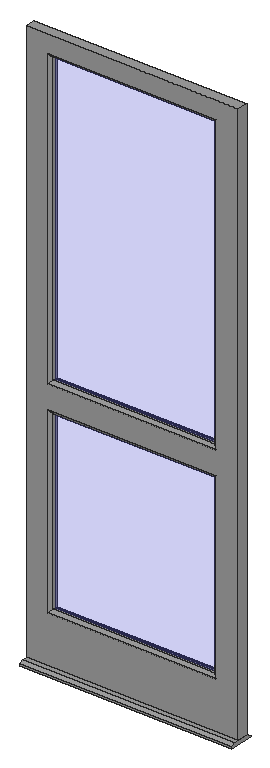
Revit family "MS-375 DOOR-VIP-0.25-SF_v04", category Curtain Panels, Revit 2015
Parameters
  Width [instance] = 3' - 2"
  VIP1 Panic Devices [instance] = no
  URL = "obe.com"
  Rough Width [instance] = 3' - 0"
  Panel Width [instance] = [Min-Max Rough Width]  # 3' - 0"
  Offset [instance] = 0' - 0"
  Model = "MS-375 DOOR"
  Min-Max Rough Width [instance] = if(and((Rough Width > 2' 11 255/256"), (Rough Width < 3' 6 1/256")), Rough Width, 3' 0")  # 3' - 0"
  Manufacturer = "Oldcastle BuildingEnvelope®"
  Keynote = "08 11 00"
  Hinge [instance] = yes
  Height [instance] = 8' - 0"
  Pushbar Height [instance] = 3' - 5 1/4"  # constant formula
  Glass Material = Glass
  Frame Material = Aluminum
  Door Panel Height [instance] = Height + 0' 0 1/2"  # 8' - 0 1/2"
  Description = "MS-375 - 1/4\" Door Infill"
  Assembly Code = "B2030"
  Analytic Construction = "<None>"
  8 Bottom Rail [instance] = yes
Reference planes (in)
  plane 1 "Front": y = 0
  plane 2: z = 0
  plane 3 "Center (Left/Right)": x = 0
  plane 4 "Left": x = -19
  plane 5 "Right": x = 19
  plane 6 "Top": z = 96
  plane 7: x = -18
  plane 8: x = 18
Text (in)
  text "Exterior" at (-54.29358, 31.38743, 0), in view "Ref. Level"
  text "Exterior" at (480, 41.53993, 89.60405), in view "Right"
  text "Exterior" at (-240, 57.82419, 105.78864), in view "Left"
Dimensions and locks (in)
  equal spacing: plane 4 "Left", plane 3 "Center (Left/Right)", plane 5 "Right"
  "Width": plane 4 "Left" to plane 5 "Right"
  "Height": plane 6 "Top" to plane 2
  equal spacing: plane 7, plane 3 "Center (Left/Right)", plane 8
  "Min-Max Rough Width": plane 7 to plane 8
  aligned and locked: level to plane 2
  aligned and locked: plane 3 "Center (Left/Right)" to nested 1
  aligned and locked: plane 1 "Front" to nested 1
Nested families (in)
  nested 1: "MS-375 DOOR-VIP-0.25-Panel_v03" at (0, -16, 0), Frame Material <- "Frame Material", Glass Material <- "Glass Material", VIP1 Panic Devices <- "VIP1 Panic Devices", Hinge <- "Hinge", 8 Bottom Rail <- "8 Bottom Rail", Width <- "Min-Max Rough Width", Height <- "Door Panel Height", Offset <- "Offset", type "MS-375 DOOR-VIP-0.25-Panel_v03"
    with built-in parameter 1001301 3' - 0", VIP1 Panic Devices no, Pushbar Height 3' - 5 1/4", Offset 0' - 0", Hinge yes, built-in parameter 1001300 8' - 0 1/2", Glass at Muntin 0' - 4 9/16", Glass Material Glass, Frame Material Aluminum, Bottom Rail 0' - 8 31/32", 8 Bottom Rail yes
Definition of nested family "MS-375 DOOR-VIP-0.25-Panel_v03"
  Parameters (values of type "MS-375 DOOR-VIP-0.25-Panel_v03")
    Width [instance] = 3' - 6"
    VIP1 Panic Devices [instance] = yes
    Offset [instance] = 0' - 1"
    Hinge [instance] = yes
    Height [instance] = 8' - 0"
    Glass at Muntin [instance] = if(VIP1 Panic Devices, 0' 8 9/16", 0' 4 9/16")  # 0' - 8 9/16"
    Pushbar Height [instance] = 3' - 5 1/4"  # constant formula
    Glass Material [instance] = none
    Frame Material [instance] = none
    Bottom Rail [instance] = if([8 Bottom Rail], 0' 8 31/32", 0' 10 31/32")  # 0' - 10 31/32"
    8 Bottom Rail [instance] = no
  Reference planes (in)
    plane 1 "00": y = 14.0625
    plane 2: z = 0
    plane 3 "Center (Left/Right)": x = 0
    plane 4: z = 96
    plane 5: x = 21
    plane 6: x = -21
    plane 7 "Center (Front/Back)": y = 16
    plane 8 "Exterior": y = 14.1875
    plane 9: z = 48
    plane 10: z = 92.21875
    plane 11: x = 16.88167
    plane 12: x = -16.87021
    plane 13: y = 15
    plane 14: z = 36.96875
    plane 15: z = 45.53125
    plane 16: z = 92.21875
    plane 17: z = 41.25
  Forms (in)
    Sweep 1, solid, material <- "Frame Material"
      path origin (0, 14.0625, 0) x (1, 0, 0) y (0, 0, 1)
        loop
          line (-20.79133, 96) -> (20.80279, 96)
      profile origin (0.00573, 14.0625, 96) x (0, 0, 1) y (0, -1, 0)
        loop
          line (-0.5, -0.875) -> (-0.5, 0.875) -> (-3.49593, 0.875) -> (-4, 0.45204) -> (-4, 0.125) -> (-3.78125, 0.125) -> (-3.78125, -0.125) -> (-4, -0.125) -> (-4, -0.45204) -> (-3.49593, -0.875) -> (-0.5, -0.875)
    Extrusion 2, solid, material <- "Glass Material"
      sketch origin (0, 0, 0) x (0, 1, 0) y (0, 0, 1)
        loop
          line (14.1875, 36.96875) -> (13.9375, 36.96875) -> (13.9375, 10.96875) -> (14.1875, 10.96875) -> (14.1875, 36.96875)
      from -16.87021 to 16.88167
    Sweep 3, solid, material <- "Frame Material"
      path origin (0, 14.0625, 0) x (1, 0, 0) y (0, 0, 1)
        loop
          line (20.80279, 0) -> (-20.79133, 0)
      profile origin (0.00573, 14.0625, 0) x (0, 0, -1) y (0, -1, 0)
        loop
          line (-10.68343, -0.875) -> (-0.6875, -0.875) -> (-0.6875, 0.875) -> (-10.68343, 0.875) -> (-11.1875, 0.45204) -> (-11.1875, 0.125) -> (-10.96875, 0.125) -> (-10.96875, -0.125) -> (-11.1875, -0.125) -> (-11.1875, -0.45204) -> (-10.68343, -0.875)
    Sweep 4, solid, material <- "Frame Material"
      path origin (0, 14.0625, 0) x (1, 0, 0) y (0, 0, 1)
        loop
          line (21, 95.5) -> (21, 0.6875)
      profile origin (21, 14.0625, 48.09375) x (0, -1, 0) y (1, 0, 0)
        loop
          line (-0.875, -0.0878) -> (-0.875, -3.83301) -> (-0.45204, -4.33708) -> (-0.125, -4.33708) -> (-0.125, -4.11833) -> (0.125, -4.11833) -> (0.125, -4.33708) -> (0.45204, -4.33708) -> (0.875, -3.83301) -> (0.875, -0.19721) -> (-0.875, -0.0878)
    Sweep 5, solid, material <- "Frame Material"
      path origin (0, 14.0625, 0) x (1, 0, 0) y (0, 0, 1)
        loop
          line (-21, 95.5) -> (-21, 0.6875)
      profile origin (-21, 14.0625, 48.09375) x (0, -1, 0) y (1, 0, 0)
        loop
          line (-0.875, 0.09967) -> (0.875, 0.20867) -> (0.875, 3.84447) -> (0.45204, 4.34854) -> (0.125, 4.34854) -> (0.125, 4.12979) -> (-0.125, 4.12979) -> (-0.125, 4.34854) -> (-0.45204, 4.34854) -> (-0.875, 3.84447) -> (-0.875, 0.09967)
    Extrusion 6, solid, material <- "Glass Material"
      sketch origin (0, 0, 0) x (0, 1, 0) y (0, 0, 1)
        loop
          line (13.9375, 92.21875) -> (13.9375, 45.53125) -> (14.1875, 45.53125) -> (14.1875, 92.21875) -> (13.9375, 92.21875)
      from -16.87021 to 16.88167
    Sweep 7, solid, material <- "Frame Material"
      path origin (0, 14.0625, 0) x (1, 0, 0) y (0, 0, 1)
        loop
          line (20.80279, 48) -> (-20.79133, 48)
      profile origin (0.00573, 14.0625, 48) x (0, 0, -1) y (0, -1, 0)
        loop
          line (2.25, -0.45204) -> (2.75407, -0.875) -> (10.74593, -0.875) -> (11.25, -0.45204) -> (11.25, -0.125) -> (11.03125, -0.125) -> (11.03125, 0.125) -> (11.25, 0.125) -> (11.25, 0.45204) -> (10.74593, 0.875) -> (2.75407, 0.875) -> (2.25, 0.45204) -> (2.25, 0.125) -> (2.46875, 0.125) -> (2.46875, -0.125) -> (2.25, -0.125) -> (2.25, -0.45204)
    Sweep 8, solid, material <- "Frame Material"
      path origin (0, 14.0625, 0) x (1, 0, 0) y (0, 0, 1)
        loop
          line (-20.79133, 0) -> (20.80279, 0)
      profile origin (0.00573, 14.0625, 0) x (0, 0, 1) y (0, -1, 0)
        loop
          line (0.5, 1.5305) -> (0.19364, 2.1875) -> (0, 2.1875) -> (0, -1.8125) -> (0.19364, -1.8125) -> (0.5, -1.1555) -> (0.5, 1.5305)
  Cuts and joins
    joined: Sweep 1, Sweep 3, Sweep 4, Sweep 5, Sweep 7
  Lines and regions (in)
    model lines
      curve 1: line (16.88167, 14.1875, 92.21875) -> (-17.15553, 14.1875, 48)
      curve 2: line (-17.15553, 14.1875, 48) -> (19.13239, 14.1875, 10.96875)
  Dimensions and locks (in)
    "Height": plane 4 to level
    "Width": plane 6 to plane 5
    Extrusion 2 sketch curve to plane 1 "00" to Extrusion 2 sketch curve = 0' - 0 1/8" locked, 0' - 0 1/8" locked
    "Bottom Rail": Extrusion 2 sketch curve to level
    locked: plane 11 to plane 5 at 4.11833
    locked: plane 6 to plane 12 at 4.12979
    plane 1 "00" to plane 8 "Exterior" to plane 13 = 0' - 0 1/8" locked, 0' - 0 13/16" locked
    equal spacing: level, plane 9, plane 4
    locked: Sweep 3 sketch curve to plane 6 at 0.20867
    locked: plane 5 to Sweep 3 sketch curve at 0.19721
    locked: Sweep 4 sketch curve to plane 4 at 0.5
    locked: Sweep 5 sketch curve to plane 4 at 0.5
    locked: Sweep 1 sketch curve to plane 6 at 0.20867
    locked: plane 5 to Sweep 1 sketch curve at 0.19721
    "Bottom Rail": Sweep 3 sketch curve to level
    Sweep 3 sketch curve to Sweep 3 sketch curve to Sweep 3 sketch curve to Sweep 3 sketch curve to Sweep 3 sketch curve = 0' - 0" locked, 0' - 0 7/32" locked, 0' - 0.28532" locked, 0' - 0" locked
    Extrusion 6 sketch curve to plane 1 "00" to Extrusion 6 sketch curve = 0' - 0 1/8" locked, 0' - 0 1/8" locked
    locked: plane 5 to Sweep 7 sketch curve at 0.19721
    locked: Sweep 7 sketch curve to plane 6 at 0.20867
    equal spacing: plane 6, plane 3 "Center (Left/Right)", plane 5
    "Offset": plane 13 to plane 7 "Center (Front/Back)"
    locked: plane 16 to plane 4 at 3.78125
    locked: plane 15 to Sweep 7 sketch curve at 0.21875  (x2)
    locked: Sweep 7 sketch curve to plane 14 at 0.21875
    locked: plane 14 to Sweep 7 sketch curve at 0.21875
    "Glass at Muntin": plane 14 to plane 15
    equal spacing: plane 14, plane 17, plane 15
    "Pushbar Height": plane 2 to plane 17
    locked: plane 1 "00" to nested 1 at 0.0287
    locked: plane 5 to Sweep 8 sketch curve at 0.19721
    locked: Sweep 8 sketch curve to plane 6 at 0.20867
    locked: Sweep 5 sketch curve to plane 2 at 0.6875
    locked: Sweep 4 sketch curve to plane 2 at 0.6875
    aligned and locked: plane 2 to level
    aligned and locked: plane 3 "Center (Left/Right)" to nested 1
    aligned and locked: Sweep 1 sketch curve to plane 4
    aligned and locked: Sweep 3 sketch curve to level
    aligned and locked: plane 5 to Sweep 4 sketch curve
    aligned and locked: plane 6 to Sweep 5 sketch curve
    aligned and locked: Sweep 7 sketch curve to plane 9
    aligned and locked: level to nested 2
    aligned and locked: nested 2 to plane 1 "00"
    aligned and locked: Extrusion 6 to plane 11
    aligned and locked: plane 12 to Extrusion 6  (x2)
    aligned and locked: Extrusion 6 to cut or joined group of Sweep 1, Sweep 3, Sweep 4, Sweep 5, Sweep 7
    aligned and locked: curve 1 to cut or joined group of Sweep 1, Sweep 3, Sweep 4, Sweep 5, Sweep 7
    aligned and locked: plane 9 to curve 1
    aligned and locked: curve 2 to Extrusion 2
    aligned and locked: plane 11 to Extrusion 6
    aligned and locked: Extrusion 2 to plane 11
    aligned and locked: plane 12 to Extrusion 2
    aligned and locked: plane 15 to Extrusion 6
    aligned and locked: Extrusion 2 to plane 14
    aligned and locked: Extrusion 6 to nested 2
    aligned and locked: Sweep 8 sketch curve to plane 2
  Automatic sketch dimensions
    profile plane to Sweep 1 sketch curve = 0' - 0 1/2"
    Sweep 1 sketch curve to plane 1 "00" = 0' - 0 7/8"
    Sweep 1 sketch curve to Sweep 1 sketch curve = 0' - 2.99593"
    Sweep 1 sketch curve to plane 1 "00" = 0' - 0.45204"
    Sweep 1 sketch curve to Sweep 1 sketch curve = 0' - 0.50407"  (x2)
    Sweep 1 sketch curve to plane 1 "00" = 0' - 0 1/8"
    Sweep 1 sketch curve to Sweep 1 sketch curve = 0' - 0 7/32"  (x2)
    plane 1 "00" to Sweep 1 sketch curve = 0' - 0 1/8"
    plane 1 "00" to Sweep 1 sketch curve = 0' - 0 7/8"
    Sweep 1 sketch curve to Sweep 1 sketch curve = 0' - 0.32704"
    level to Extrusion 6 sketch curve = 3' - 9 17/32"
    Extrusion 6 sketch curve to plane 4 = 0' - 3 25/32"
    Sweep 4 sketch curve to plane 1 "00" = 0' - 0 7/8"
    Sweep 4 sketch curve to plane 1 "00" = 0' - 0.45204"
    Sweep 4 sketch curve to plane 1 "00" = 0' - 0 1/8"
    plane 1 "00" to Sweep 4 sketch curve = 0' - 0 1/8"
    Sweep 4 sketch curve to Sweep 4 sketch curve = 0' - 0.32704"
    Sweep 4 sketch curve to Sweep 4 sketch curve = 0' - 0.42296"
    profile plane to Sweep 4 sketch curve = 0' - 4.33708"
    Sweep 4 sketch curve to Sweep 4 sketch curve = 0' - 0"
    Sweep 4 sketch curve to Sweep 4 sketch curve = 0' - 0 7/32"
    Sweep 4 sketch curve to Sweep 4 sketch curve = 0' - 0.50407"  (x2)
    profile plane to Sweep 4 sketch curve = 0' - 0.0878"
    profile plane to Sweep 4 sketch curve = 0' - 0.19721"
    Sweep 5 sketch curve to plane 1 "00" = 0' - 0 7/8"
    Sweep 5 sketch curve to plane 1 "00" = 0' - 0.45204"
    Sweep 5 sketch curve to plane 1 "00" = 0' - 0 1/8"
    plane 1 "00" to Sweep 5 sketch curve = 0' - 0 1/8"
    Sweep 5 sketch curve to Sweep 5 sketch curve = 0' - 0.32704"
    Sweep 5 sketch curve to Sweep 5 sketch curve = 0' - 0.42296"
    Sweep 5 sketch curve to profile plane = 0' - 3.84447"
    Sweep 5 sketch curve to Sweep 5 sketch curve = 0' - 0"
    Sweep 5 sketch curve to Sweep 5 sketch curve = 0' - 0.28532"
    Sweep 5 sketch curve to Sweep 5 sketch curve = 0' - 0 7/32"  (x2)
    Sweep 5 sketch curve to profile plane = 0' - 0.20867"
    Sweep 5 sketch curve to profile plane = 0' - 0.09967"
    curve 1 to plane 4 = 0' - 3 25/32"
    curve 2 to plane 12 = 0' - 0.28532"
    plane 11 to curve 2 = 0' - 2.25072"
    Sweep 7 sketch curve to plane 1 "00" = 0' - 0 1/8"  (x2)
    Sweep 7 sketch curve to plane 1 "00" = 0' - 0 7/8"
    Sweep 7 sketch curve to Sweep 7 sketch curve = 0' - 0.28532"  (x2)
    Sweep 7 sketch curve to Sweep 7 sketch curve = 0' - 0.50407"  (x2)
    Sweep 7 sketch curve to Sweep 7 sketch curve = 0' - 0.32704"  (x4)
    plane 1 "00" to Sweep 7 sketch curve = 0' - 0 1/8"  (x2)
    Sweep 7 sketch curve to Sweep 7 sketch curve = 0' - 0 7/32"  (x2)
    plane 1 "00" to Sweep 7 sketch curve = 0' - 0 7/8"
    Sweep 8 sketch curve to profile plane = 0' - 0.19364"  (x2)
    Sweep 8 sketch curve to plane 1 "00" = 0' - 1 13/16"
    Sweep 8 sketch curve to profile plane = 0' - 0 1/2"
    Sweep 8 sketch curve to Sweep 8 sketch curve = 0' - 0.657"  (x2)
    plane 1 "00" to Sweep 8 sketch curve = 0' - 2 3/16"
    Sweep 8 sketch curve to profile plane = 0' - 0"
    plane 14 to Extrusion 2 sketch curve = 0' - 0"
    profile plane to Sweep 3 sketch curve = 0' - 0 11/16"
    Sweep 3 sketch curve to plane 1 "00" = 0' - 0 7/8"
    Sweep 3 sketch curve to plane 1 "00" = 0' - 0.45204"
    Sweep 3 sketch curve to plane 1 "00" = 0' - 0 1/8"
    plane 1 "00" to Sweep 3 sketch curve = 0' - 0 1/8"
    Sweep 3 sketch curve to Sweep 3 sketch curve = 0' - 0.32704"
    Sweep 3 sketch curve to Sweep 3 sketch curve = 0' - 0.42296"
  Nested families (in)
    nested 1: "MS-375 DOOR-VIP-0.25-Plan View" at (0, 14.0912, 0), Hinge <- "Hinge", Width <- "Width", type "MS-375 DOOR-VIP-0.25-Plan View"
      with Width 3' - 6", Hinge yes
    nested 2: "MS-375 DOOR-VIP-0.25-Section_v02" at (0, 14.0625, 0) x (0, -1, 0) z (1, 0, 0), Height <- "Height", VIP1 Panic Devices <- "VIP1 Panic Devices", 8 Bottom Rail <- "8 Bottom Rail", type "MS-375 DOOR-VIP-0.25-Section_v02"
      with VIP2 Panic Devices no, VIP1 Panic Devices yes, Pushbar Height 3' - 5 1/4", Height 8' - 0", Glass at Muntins 0' - 8 9/16", Bottom Rail 0' - 10 31/32", 8 Bottom Rail no, 10 Bottom Rail yes
  Definition of nested family "MS-375 DOOR-VIP-0.25-Plan View"
    Parameters (values of type "MS-375 DOOR-VIP-0.25-Plan View")
      Width [instance] = 3' - 0"
      Hinge [instance] = no
    Types (2): name | Hinge
      MS-375 DOOR-VIP-0.25-Plan View | no
      NS-212 DOOR-VIP-0.25-Plan View | yes
    Reference planes (in)
      plane 1 "Center (Front/Back)": y = 0
      plane 2: z = 0
      plane 3 "Center (Left/Right)": x = 0
      plane 4: x = -18
      plane 5: x = 18
      plane 6: x = 16.74687
      plane 7: y = 36
    Lines and regions (in)
      detail lines, in view "Ref. Level", not visible
        curve 1: line (-13.875, 0.125, 0) -> (13.75188, 0.125, 0)
        curve 2: line (-13.875, -0.125, 0) -> (13.75188, -0.125, 0)
      detail lines, in view "Ref. Level"
        curve 3: arc (-17.98784, -0.9356, 0) -> (-7.94835, 24.95362, 0) -> (17.52885, 35.99692, 0) r 36
        curve 4: line (16.62187, 5.47312, 0) -> (16.62187, 31.87688, 0)
        curve 8: line (16.87187, 5.47312, 0) -> (16.87187, 31.87688, 0)
      detail lines, in view "Ref. Level", detail levels fine
        curve 5: line (16.68437, 5.47312, 0) -> (16.68437, 31.87688, 0)
        curve 6: line (16.74687, 5.47312, 0) -> (16.74687, 31.87688, 0)
        curve 7: line (16.80937, 5.47312, 0) -> (16.80937, 31.87688, 0)
    Dimensions and locks (in)
      "Width": plane 4 to plane 5
      equal spacing: plane 4, plane 3 "Center (Left/Right)", plane 5
      "Width": plane 7 to plane 1 "Center (Front/Back)"
      locked: nested 3 to plane 1 "Center (Front/Back)" at 0.9
      locked: nested 5 to plane 4 at 2.24812
      locked: nested 2 to plane 7 at 2.25
      plane 6 to plane 5 to nested 4 to nested 1 = 0' - 1.25313" locked, 0' - 2 1/8" locked, 0' - 0 1/8" locked
      aligned and locked: nested 1 to plane 1 "Center (Front/Back)"
      aligned and locked: nested 2 to plane 6
      aligned and locked: plane 6 to nested 3
      aligned and locked: nested 5 to plane 1 "Center (Front/Back)"
      aligned and locked: plane 1 "Center (Front/Back)" to nested 4
      aligned and locked: nested 3 to curve 6
      aligned and locked: curve 4 to nested 2
      aligned and locked: curve 2 to nested 4
      aligned and locked: curve 2 to nested 5
    Automatic sketch dimensions
      curve 6 to plane 6 = 0' - 0"
      plane 1 "Center (Front/Back)" to curve 3 = 0' - 0"
      curve 3 to plane 5 = 0' - 0"
      plane 4 to curve 3 = 0' - 0.01216"
      curve 1 to plane 1 "Center (Front/Back)" = 0' - 0 1/8"
      curve 1 to curve 2 = 0' - 0"  (x2)
      plane 6 to curve 4 = 0' - 0 1/8"
      plane 6 to curve 5 = 0' - 0 1/16"
      curve 6 to curve 7 = 0' - 0 1/16"
      curve 7 to curve 8 = 0' - 0 1/16"
      curve 3 to plane 7 = 0' - 0.00308"
      curve 3 to plane 5 = 0' - 0.47115"
      plane 1 "Center (Front/Back)" to curve 2 = 0' - 0 1/8"
      curve 6 to curve 8 = 0' - 0"
      curve 4 to curve 6 = 0' - 0"  (x2)
      curve 5 to curve 6 = 0' - 0"  (x2)
      curve 7 to curve 8 = 0' - 0"  (x2)
      curve 6 to curve 7 = 0' - 0"
    Nested families (in)
      nested 1: "HINGE-DI" at (20.25, 0, 0) x (-1, 0, 0) z (0, 0, 1), visible <- "Hinge", type "HINGE-DI", in view "Ref. Level"
      nested 2: "HINGE-HD-DI" at (16.74687, 38.25, 0) x (0, 1, 0) z (0, 0, 1), type "HINGE-HD-DI", in view "Ref. Level"
      nested 3: "HINGE-HD-DI" at (16.74687, -0.9, 0) x (0, -1, 0) z (0, 0, 1), type "HINGE-HD-DI", in view "Ref. Level"
      nested 4: "HINGE-HD-DI" at (20.125, 0, 0), type "HINGE-HD-DI", in view "Ref. Level", not visible
      nested 5: "HINGE-HD-DI" at (-20.24812, 0, 0) x (-1, 0, 0) z (0, 0, 1), type "HINGE-HD-DI", in view "Ref. Level", not visible
    Definition of nested family "HINGE-DI"
      Reference planes (in)
        plane 1 "Center (Front/Back)": y = 0
        plane 2: z = 0
        plane 3 "Center (Left/Right)": x = 0
    Definition of nested family "HINGE-HD-DI"
      Reference planes (in)
        plane 1 "Center (Front/Back)": y = 0
        plane 2: z = 0
        plane 3 "Center (Left/Right)": x = 0
      Lines and regions (in)
        detail lines, in view "Ref. Level"
          curve 1: line (-2.45087, 0.875, 0) -> (-6.0878, 0.875, 0)
          curve 2: line (-6.0878, 0.875, 0) -> (-6.59187, 0.45204, 0)
          curve 3: line (-6.59187, 0.45204, 0) -> (-6.59187, 0.125, 0)
          curve 4: line (-6.59187, 0.125, 0) -> (-6.37312, 0.125, 0)
          curve 5: line (-6.37312, 0.125, 0) -> (-6.37312, -0.125, 0)
          curve 6: line (-6.37312, -0.125, 0) -> (-6.59187, -0.125, 0)
          curve 7: line (-6.59187, -0.125, 0) -> (-6.59187, -0.45204, 0)
          curve 8: line (-6.59187, -0.45204, 0) -> (-6.0878, -0.875, 0)
          curve 9: line (-6.0878, -0.875, 0) -> (-2.34187, -0.875, 0)
          curve 10: line (-2.34187, -0.875, 0) -> (-2.45087, 0.875, 0)
  Definition of nested family "MS-375 DOOR-VIP-0.25-Section_v02"
    Parameters (values of type "MS-375 DOOR-VIP-0.25-Section_v02")
      VIP2 Panic Devices [instance] = not(VIP1 Panic Devices)  # no
      VIP1 Panic Devices [instance] = yes
      Height [instance] = 8' - 0"
      Pushbar Height [instance] = 3' - 5 1/4"  # constant formula
      Glass at Muntins [instance] = if(VIP2 Panic Devices, 0' 4 9/16", 0' 8 9/16")  # 0' - 8 9/16"
      Bottom Rail [instance] = if([10 Bottom Rail], 0' 10 31/32", 0' 8 31/32")  # 0' - 10 31/32"
      10 Bottom Rail [instance] = not([8 Bottom Rail])  # yes
      8 Bottom Rail [instance] = no
    Reference planes (in)
      plane 1 "Center (Front/Back)": y = 0
      plane 2: z = 0
      plane 3 "Center (Left/Right)": x = 0
      plane 4: y = 10.96875
      plane 5: y = 92.21875
      plane 6: y = 96
      plane 7: y = 45.53125
      plane 8: y = 36.96875
      plane 9: y = 45.75
      plane 10: y = 41.25
      plane 11: y = 43.75
    Lines and regions (in)
      detail lines, in view "Ref. Level"
        curve 1: line (-0.125, 92.21875, 0) -> (-0.125, 45.53125, 0)
        curve 5: line (0.125, 92.21875, 0) -> (0.125, 45.53125, 0)
        curve 6: line (0.125, 36.96875, 0) -> (0.125, 10.96875, 0)
        curve 10: line (-0.125, 36.96875, 0) -> (-0.125, 10.96875, 0)
      detail lines, in view "Ref. Level", detail levels fine
        curve 2: line (-0.0625, 92.21875, 0) -> (-0.0625, 45.53125, 0)
        curve 3: line (0, 92.21875, 0) -> (0, 45.53125, 0)
        curve 4: line (0.0625, 92.21875, 0) -> (0.0625, 45.53125, 0)
        curve 7: line (0.0625, 36.96875, 0) -> (0.0625, 10.96875, 0)
        curve 8: line (0, 36.96875, 0) -> (0, 10.96875, 0)
        curve 9: line (-0.0625, 36.96875, 0) -> (-0.0625, 10.96875, 0)
    Dimensions and locks (in)
      "Bottom Rail": plane 4 to plane 1 "Center (Front/Back)"
      "Height": plane 6 to plane 1 "Center (Front/Back)"
      "Glass at Muntins": plane 8 to plane 7
      nested 1 to plane 6 to plane 5 = 0' - 3 1/8" locked, 0' - 3 25/32" locked
      equal spacing: plane 8, plane 10, plane 7
      "Pushbar Height": plane 1 "Center (Front/Back)" to plane 10
      plane 10 to plane 11 to plane 9 = 0' - 2 1/2" locked, 0' - 2" locked
      aligned and locked: plane 5 to curve 2
      aligned and locked: plane 5 to curve 1
      aligned and locked: plane 3 "Center (Left/Right)" to nested 1
      aligned and locked: plane 3 "Center (Left/Right)" to nested 2
      aligned and locked: plane 4 to curve 10
      aligned and locked: plane 4 to curve 9
      aligned and locked: plane 4 to curve 6
      aligned and locked: plane 4 to curve 7
      aligned and locked: plane 4 to curve 8
      aligned and locked: plane 5 to curve 5
      aligned and locked: plane 5 to curve 4
      aligned and locked: plane 5 to curve 3
      aligned and locked: plane 3 "Center (Left/Right)" to nested 3
      aligned and locked: plane 7 to curve 1
      aligned and locked: plane 7 to curve 2
      aligned and locked: plane 7 to curve 3
      aligned and locked: plane 7 to curve 4
      aligned and locked: plane 7 to curve 5
      aligned and locked: plane 8 to curve 6
      aligned and locked: plane 8 to curve 7
      aligned and locked: plane 8 to curve 8
      aligned and locked: plane 8 to curve 9
      aligned and locked: plane 8 to curve 10
      aligned and locked: plane 9 to nested 4
      aligned and locked: plane 3 "Center (Left/Right)" to nested 4
      aligned and locked: plane 3 "Center (Left/Right)" to nested 5
      aligned and locked: plane 1 "Center (Front/Back)" to nested 3
      aligned and locked: plane 1 "Center (Front/Back)" to nested 2
      aligned and locked: plane 11 to nested 5
    Automatic sketch dimensions
      curve 8 to plane 3 "Center (Left/Right)" = 0' - 0"
      curve 3 to plane 3 "Center (Left/Right)" = 0' - 0"
      curve 9 to plane 3 "Center (Left/Right)" = 0' - 0 1/16"
      curve 2 to plane 3 "Center (Left/Right)" = 0' - 0 1/16"
      curve 1 to curve 2 = 0' - 0 1/16"
      curve 10 to curve 9 = 0' - 0 1/16"
      plane 3 "Center (Left/Right)" to curve 7 = 0' - 0 1/16"
      plane 3 "Center (Left/Right)" to curve 4 = 0' - 0 1/16"
      curve 7 to curve 6 = 0' - 0 1/16"
      curve 4 to curve 5 = 0' - 0 1/16"
    Nested families (in)
      nested 1: "TOP RAIL-DI" at (0, 99.125, 0), type "TOP RAIL-DI", in view "Ref. Level"
      nested 2: "8 BOT RAIL-DI" at (0, 9.1875, 0), visible <- "8 Bottom Rail", type "8 BOT RAIL-DI", in view "Ref. Level"
      nested 3: "10 BOT RAIL-DI" at (0, 11.1875, 0), visible <- "10 Bottom Rail", type "10 BOT RAIL-DI", in view "Ref. Level"
      nested 4: "MIDRAIL-VIP1-DI" at (0, 45.75, 0), visible <- "VIP1 Panic Devices", type "MIDRAIL-VIP1-DI", in view "Ref. Level"
      nested 5: "MIDRAIL-VIP2-DI" at (0, 43.75, 0), visible <- "VIP2 Panic Devices", type "MIDRAIL-VIP2-DI", in view "Ref. Level"
    Definition of nested family "TOP RAIL-DI"
      Reference planes (in)
        plane 1 "Center (Front/Back)": y = 0
        plane 2: z = 0
        plane 3 "Center (Left/Right)": x = 0
      Lines and regions (in)
        detail lines, in view "Ref. Level"
          curve 1: line (-0.875, -3.625, 0) -> (0.875, -3.625, 0)
          curve 2: line (0.875, -3.625, 0) -> (0.875, -6.62093, 0)
          curve 3: line (0.875, -6.62093, 0) -> (0.45204, -7.125, 0)
          curve 4: line (0.45204, -7.125, 0) -> (0.125, -7.125, 0)
          curve 5: line (0.125, -7.125, 0) -> (0.125, -6.90625, 0)
          curve 6: line (0.125, -6.90625, 0) -> (-0.125, -6.90625, 0)
          curve 7: line (-0.125, -6.90625, 0) -> (-0.125, -7.125, 0)
          curve 8: line (-0.125, -7.125, 0) -> (-0.45204, -7.125, 0)
          curve 9: line (-0.45204, -7.125, 0) -> (-0.875, -6.62093, 0)
          curve 10: line (-0.875, -6.62093, 0) -> (-0.875, -3.625, 0)
    Definition of nested family "8 BOT RAIL-DI"
      Reference planes (in)
        plane 1 "Center (Front/Back)": y = 0
        plane 2: z = 0
        plane 3 "Center (Left/Right)": x = 0
      Lines and regions (in)
        detail lines, in view "Ref. Level"
          curve 1: line (-0.125, -0.21875, 0) -> (-0.125, 0, 0)
          curve 2: line (-0.125, 0, 0) -> (-0.45204, 0, 0)
          curve 3: line (-0.45204, 0, 0) -> (-0.875, -0.50407, 0)
          curve 4: line (-0.875, -0.50407, 0) -> (-0.875, -8.5, 0)
          curve 5: line (-0.875, -8.5, 0) -> (0.875, -8.5, 0)
          curve 6: line (0.875, -8.5, 0) -> (0.875, -0.50407, 0)
          curve 7: line (0.875, -0.50407, 0) -> (0.45204, 0, 0)
          curve 8: line (0.45204, 0, 0) -> (0.125, 0, 0)
          curve 9: line (0.125, -0.21875, 0) -> (0.125, 0, 0)
          curve 10: line (0.125, -0.21875, 0) -> (-0.125, -0.21875, 0)
          curve 11: line (-1.1555, -8.6875, 0) -> (1.5305, -8.6875, 0)
          curve 12: line (1.5305, -8.6875, 0) -> (2.1875, -8.99386, 0)
          curve 13: line (2.1875, -8.99386, 0) -> (2.1875, -9.18749, 0)
          curve 14: line (2.1875, -9.18749, 0) -> (-1.8125, -9.18749, 0)
          curve 15: line (-1.8125, -9.18749, 0) -> (-1.8125, -8.99386, 0)
          curve 16: line (-1.8125, -8.99386, 0) -> (-1.1555, -8.6875, 0)
    Definition of nested family "10 BOT RAIL-DI"
      Reference planes (in)
        plane 1 "Center (Front/Back)": y = 0
        plane 2: z = 0
        plane 3 "Center (Left/Right)": x = 0
      Lines and regions (in)
        detail lines, in view "Ref. Level"
          curve 1: line (0.125, -0.21875, 0) -> (-0.125, -0.21875, 0)
          curve 2: line (-0.125, -0.21875, 0) -> (-0.125, 0, 0)
          curve 3: line (-0.125, 0, 0) -> (-0.45204, 0, 0)
          curve 4: line (-0.45204, 0, 0) -> (-0.875, -0.50407, 0)
          curve 5: line (-0.875, -0.50407, 0) -> (-0.875, -10.5, 0)
          curve 6: line (-0.875, -10.5, 0) -> (0.875, -10.5, 0)
          curve 7: line (0.875, -10.5, 0) -> (0.875, -0.50407, 0)
          curve 8: line (0.875, -0.50407, 0) -> (0.45204, 0, 0)
          curve 9: line (0.45204, 0, 0) -> (0.125, 0, 0)
          curve 10: line (0.125, 0, 0) -> (0.125, -0.21875, 0)
          curve 11: line (-1.1555, -10.6875, 0) -> (-1.8125, -10.99386, 0)
          curve 12: line (-1.8125, -10.99386, 0) -> (-1.8125, -11.18749, 0)
          curve 13: line (-1.8125, -11.18749, 0) -> (2.1875, -11.18749, 0)
          curve 14: line (2.1875, -11.18749, 0) -> (2.1875, -10.99386, 0)
          curve 15: line (2.1875, -10.99386, 0) -> (1.5305, -10.6875, 0)
          curve 16: line (1.5305, -10.6875, 0) -> (-1.1555, -10.6875, 0)
    Definition of nested family "MIDRAIL-VIP1-DI"
      Reference planes (in)
        plane 1 "Center (Front/Back)": y = 0
        plane 2: z = 0
        plane 3 "Center (Left/Right)": x = 0
    Definition of nested family "MIDRAIL-VIP2-DI"
      Reference planes (in)
        plane 1 "Center (Front/Back)": y = 0
        plane 2: z = 0
        plane 3 "Center (Left/Right)": x = 0
